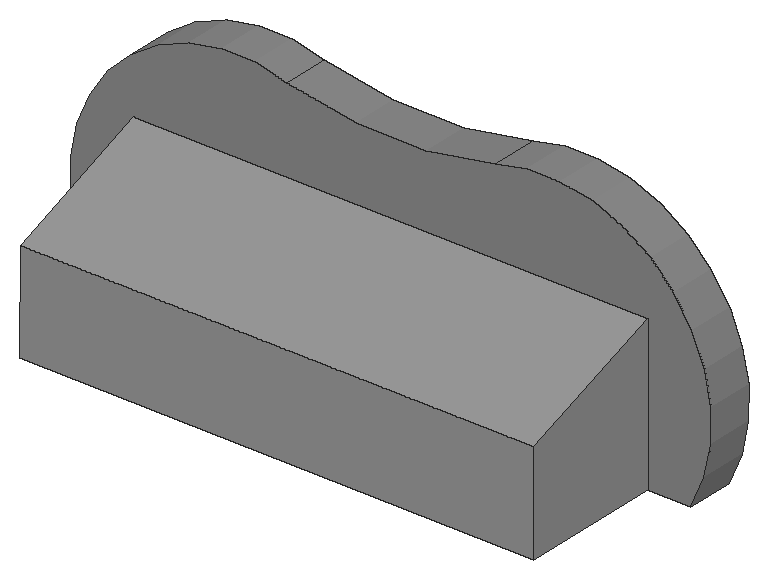
Revit family "AquaWave-Lavatory-2_Station-Willoughby-WAW-2322", category Plumbing Fixtures, Revit 2015
Parameters (values of type "Standard")
  Waste Connection = yes
  Vent Connection = no
  URL = "https://www.willoughby-ind.com/wp-content/uploads/2018/01/WAW-2322.pdf"
  Stainless Steel = Stainless Steel AISI 304-Willoughby
  Revision = "A"
  Model = "WAW-2322"
  Manufacturer = "Willoughby Industries"
  HW Connection = yes
  Description = "2 Station Aquawave Lavatory"
  DRAIN RAD = DRAIN DIA / 2  # 3/4"
  DRAIN DIA = 1 1/2"
  HW INLET RAD = HW INLET DIA / 2  # 1/4"
  HW INLET DIA = 1/2"
  Default Elevation = 0' - 0"
  Contact Info = "(800) 428-4065"
  CW INLET RAD = CW INLET DIA / 2  # 1/4"
  CW INLET DIA = 1/2"
  CW Connection = yes
  Aquasurf Solid Surface = Solid Surface Acrylic Resin-Willoughby
Reference planes (in)
  plane 1 "Center (Front/Back)": y = 0
  plane 2: z = 0
  plane 3 "Center (Left/Right)": x = 0
  plane 4: y = 9.5
  plane 5: y = 24
  plane 6: x = 11.25
  plane 7: x = 8
  plane 8: x = 4
  plane 9: x = -11.25
Forms (in)
  Extrusion 1, solid, material "Solid Surface Acrylic Resin-Willoughby" <- "Aquasurf Solid Surface", detail levels fine
    sketch origin (0, 4.5, 0) x (1, 0, 0) y (0, 0, 1)
      loop
        line (-18.5, 5.625) -> (-18.5, 0) -> (18.5, 0) -> (18.5, 5.625)
        arc (18.5, 5.625) -> (15.6156, 10.5372) -> (9.92054, 10.41163) r 5.625
        arc (9.92054, 10.41163) -> (0, 8.17267) -> (-9.92054, 10.41163) r 23.09784
        arc (-9.92054, 10.41163) -> (-15.6156, 10.5372) -> (-18.5, 5.625) r 5.625
    from -34 to -33
  Extrusion 2, solid, material "Stainless Steel AISI 304-Willoughby" <- "Stainless Steel"
    sketch origin (0, 4.5, 0) x (1, 0, 0) y (0, 0, 1)
      loop
        line (18, 0) -> (18, 5.625)
        arc (18, 5.625) -> (15.76543, 9.85714) -> (11.01033, 10.39874) r 5.125
        arc (11.01033, 10.39874) -> (0, 7.67267) -> (-11.01033, 10.39874) r 23.59784
        arc (-11.01033, 10.39874) -> (-15.76543, 9.85714) -> (-18, 5.625) r 5.125
        line (-18, 5.625) -> (-18, 0) -> (18, 0)
    from -33 to -31
  Extrusion 3, solid, material "Solid Surface Acrylic Resin-Willoughby" <- "Aquasurf Solid Surface"
    sketch origin (0, 4.5, 0) x (1, 0, 0) y (0, 0, 1)
      loop
        line (18, 0) -> (18, 4.88739)
        arc (18, 4.88739) -> (17.83004, 5.69421) -> (17.34904, 6.3639) r 2
        arc (17.34904, 6.3639) -> (14.35963, 7.88982) -> (11.01033, 7.67267) r 6.32928
        arc (11.01033, 7.67267) -> (0, 5.82179) -> (-11.01033, 7.67267) r 33.67387
        arc (-11.01033, 7.67267) -> (-14.35963, 7.88982) -> (-17.34904, 6.3639) r 6.32928
        arc (-17.34904, 6.3639) -> (-17.83004, 5.69421) -> (-18, 4.88739) r 2
        line (-18, 4.88739) -> (-18, 0) -> (18, 0)
    from -31 to -29
  Extrusion 4, solid, material "Solid Surface Acrylic Resin-Willoughby" <- "Aquasurf Solid Surface"
    sketch origin (0, 4.5, 0) x (1, 0, 0) y (0, 0, 1)
      loop
        arc (25.625, 0) -> (24.15968, 15.84095) -> (8.90314, 20.34881) r 14.178
        arc (8.90314, 20.34881) -> (0, 19.18496) -> (-8.90314, 20.34881) r 34.63508
        arc (-8.90314, 20.34881) -> (-24.15968, 15.84095) -> (-25.625, 0) r 14.178
        line (-25.625, 0) -> (25.625, 0)
    from -29 to -25
  Extrusion 5, void, detail levels fine
    sketch origin (0, 4.5, 0) x (1, 0, 0) y (0, 0, 1)
      loop
        arc (11.01033, 7.67267) -> (14.35963, 7.88982) -> (17.34904, 6.3639) r 6.32928
        arc (17.34904, 6.3639) -> (17.83004, 5.69421) -> (18, 4.88739) r 2
        line (18, 4.88739) -> (18, 4.30684)
        arc (18, 4.30684) -> (18.30064, 3.25224) -> (19.11219, 2.5147) r 2
        arc (19.11219, 2.5147) -> (22.90794, 2.47523) -> (25.30097, 5.42186) r 4.36755
        arc (25.30097, 5.42186) -> (20.95343, 16.23504) -> (9.51008, 18.44313) r 12.178
        arc (9.51008, 18.44313) -> (0, 16.96526) -> (-9.51008, 18.44313) r 31.33763
        arc (-9.51008, 18.44313) -> (-20.95343, 16.23504) -> (-25.30097, 5.42186) r 12.178
        arc (-25.30097, 5.42186) -> (-22.90794, 2.47523) -> (-19.11219, 2.5147) r 4.36755
        arc (-19.11219, 2.5147) -> (-18.30064, 3.25224) -> (-18, 4.30684) r 2
        line (-18, 4.30684) -> (-18, 4.88739)
        arc (-18, 4.88739) -> (-17.83004, 5.69421) -> (-17.34904, 6.3639) r 2
        arc (-17.34904, 6.3639) -> (-14.35963, 7.88982) -> (-11.01033, 7.67267) r 6.32928
        arc (-11.01033, 7.67267) -> (0, 5.82179) -> (11.01033, 7.67267) r 33.67387
    from -29 to -25.8795
  Extrusion 6, solid, material "Stainless Steel AISI 304-Willoughby" <- "Stainless Steel"
    sketch origin (0, 0, 0) x (0, 1, 0) y (0, 0, 1)
      loop
        line (29.5, 0) -> (29.5, 13.125) -> (17.375, 8.625) -> (17.375, 0) -> (29.5, 0)
    from -21.9375 to 21.9375
  Extrusion 7, solid, material "Stainless Steel AISI 304-Willoughby" <- "Stainless Steel"
    sketch origin (0, 0, 0) x (1, 0, 0) y (0, 1, 0)
      loop
        circle (11.25, 24) r 0.75
    from 0 to 1.4492
  Extrusion 8, solid, material "Stainless Steel AISI 304-Willoughby" <- "Stainless Steel"
    sketch origin (-22.5, 0, 0) x (1, 0, 0) y (0, 1, 0)
      loop
        circle (11.25, 24) r 0.75
    from 0 to 1.4492
  Extrusion 9, solid, material "Stainless Steel AISI 304-Willoughby" <- "Stainless Steel"
    sketch origin (-3.25, 0, 0) x (1, 0, 0) y (0, 1, 0)
      loop
        circle (11.25, 24) r 0.25
    from 0 to 1.4492
  Extrusion 10, solid, material "Stainless Steel AISI 304-Willoughby" <- "Stainless Steel"
    sketch origin (-7.25, 0, 0) x (1, 0, 0) y (0, 1, 0)
      loop
        circle (11.25, 24) r 0.25
    from 0 to 1.4492
  Extrusion 11, void, detail levels fine
    sketch origin (0, 30.3795, 0) x (1, 0, 0) y (0, 0, 1)
      loop
        circle (11.25, 10.25) r 1.25
      loop
        circle (-11.25, 10.25) r 1.25
    from 0 to 0.01562
Cuts and joins
  Extrusion 11 cuts Extrusion 3
  Extrusion 5, Extrusion 11 cuts Extrusion 4
  joined: Extrusion 3, Extrusion 4
  Extrusion 11 cuts Extrusion 6
Lines and regions (in)
  symbolic lines
    curve 1: arc (25.625, 0, 0) -> (24.15968, 0, 15.84095) -> (8.90314, 0, 20.34881) r 14.178
    curve 2: arc (8.90314, 0, 20.34881) -> (0, 0, 19.18496) -> (-8.90314, 0, 20.34881) r 34.63508
    curve 3: arc (-8.90314, 0, 20.34881) -> (-24.15968, 0, 15.84095) -> (-25.625, 0, 0) r 14.178
    curve 4: line (-25.625, 0, 0) -> (25.625, 0, 0)
    curve 13: line (-20.6875, 29.5, 0) -> (-20.6875, 9.5, 0)
    curve 14: line (-20.6875, 9.5, 0) -> (20.6875, 9.5, 0)
    curve 15: line (20.6875, 9.5, 0) -> (20.6875, 29.5, 0)
    curve 16: line (27.38375, 29.5, 0) -> (-27.38375, 29.5, 0)
    curve 17: line (-27.38375, 29.5, 0) -> (-27.38375, 33.5, 0)
    curve 18: line (-27.38375, 33.5, 0) -> (27.38375, 33.5, 0)
    curve 19: line (27.38375, 33.5, 0) -> (27.38375, 29.5, 0)
    curve 20: line (-8.90314, 29.5, 0) -> (-8.90314, 33.5, 0)
    curve 21: line (8.90314, 33.5, 0) -> (8.90314, 29.5, 0)
    curve 22: line (18, 33.5, 0) -> (18, 37.5, 0)
    curve 23: line (18, 37.5, 0) -> (-18, 37.5, 0)
    curve 24: line (-18, 37.5, 0) -> (-18, 33.5, 0)
    curve 25: line (-18, 37.5, 0) -> (-18.5, 37.5, 0)
    curve 26: line (-18.5, 37.5, 0) -> (-18.5, 38.5, 0)
    curve 27: line (-18.5, 38.5, 0) -> (18.5, 38.5, 0)
    curve 28: line (18.5, 38.5, 0) -> (18.5, 37.5, 0)
    curve 29: line (18.5, 37.5, 0) -> (18, 37.5, 0)
    curve 30: line (0, 29.5, 12.25) -> (0, 9.5, 9.4375)
    curve 31: line (0, 9.5, 9.4375) -> (0, 9.5, 0)
    curve 32: line (0, 9.5, 0) -> (0, 38.5, 0)
    curve 33: line (0, 38.5, 0) -> (0, 38.5, 11.25)
    curve 34: line (0, 38.5, 11.25) -> (0, 37.5, 11.25)
    curve 35: line (0, 37.5, 11.25) -> (0, 37.5, 0)
    curve 36: line (0, 37.5, 10.75) -> (0, 35.5, 10.75)
    curve 37: line (0, 35.5, 10.75) -> (0, 35.5, 0)
    curve 38: line (0, 35.5, 8.02056) -> (0, 33.5, 8.02056)
    curve 39: line (0, 33.5, 0) -> (0, 33.5, 21.01744)
    curve 40: line (0, 33.5, 21.01744) -> (0, 29.5, 21.01744)
    curve 41: line (0, 29.5, 21.01744) -> (0, 29.5, 0)
    curve 42: line (25.625, 0, 0) -> (-25.625, 0, 0)
  symbolic lines, detail levels medium+fine
    curve 5: line (18.5, 0, 0) -> (18.5, 0, 5.625)
    curve 6: line (-18.5, 0, 0) -> (-18.5, 0, 5.625)
    curve 7: arc (-18.5, 0, 5.625) -> (-15.66606, 0, 10.50871) -> (-10.01978, 0, 10.47148) r 5.625
    curve 8: arc (-10.01978, 0, 10.47148) -> (0, 0, 8.17216) -> (10.01978, 0, 10.47148) r 22.98138
    curve 9: arc (10.01978, 0, 10.47148) -> (15.66606, 0, 10.50871) -> (18.5, 0, 5.625) r 5.625
  symbolic lines, detail levels fine
    curve 10: arc (25.30097, 0, 5.42186) -> (20.95343, 0, 16.23504) -> (9.51008, 0, 18.44313) r 12.178
    curve 11: arc (9.51008, 0, 18.44313) -> (0, 0, 16.96526) -> (-9.51008, 0, 18.44313) r 31.33763
    curve 12: arc (-9.51008, 0, 18.44313) -> (-20.95343, 0, 16.23504) -> (-25.30097, 0, 5.42186) r 12.178
    curve 43: arc (-18.5, 0, 2.98397) -> (-22.56472, 0, 2.3499) -> (-25.30097, 0, 5.42186) r 4.29877
    curve 44: arc (25.30097, 0, 5.42186) -> (22.57045, 0, 2.3339) -> (18.5, 0, 2.98397) r 4.27889
Dimensions and locks (in)
  locked: plane 4 to plane 1 "Center (Front/Back)" at 9.5
  Extrusion 6 to Extrusion 6 = 3' - 7 7/8"
  locked: plane 1 "Center (Front/Back)" to plane 5 at 24
  aligned and locked: cut or joined group of Extrusion 3, Extrusion 4, Extrusion 5, Extrusion 11 to Extrusion 2
Connectors (in)
  piping at (4, 24, 0), diameter 0.5, driven by "HW INLET RAD", driven by "HW Connection"
    settings: on Extrusion 10, index 1, connector inside diameter 1/2", connector length 0' - 0", flow factor 0, pipe flow 0 GPM, pressure drop 0.00 psi, fitting loss kfactor 0, connector angle 0.00°, fixture units 0, engagement length 0' - 0", angle of deflection 0.00°, flow configuration 0, flow direction 1, fitting loss method 0, system type 19, joint type 0, gender type 0, connector reference index -1, connector utility 1, adjustable connector no, is connector primary yes, connector description "Lav HW Supply"
  piping at (8, 24, 0), diameter 0.5, driven by "CW INLET RAD", driven by "CW Connection"
    settings: on Extrusion 9, index 2, connector inside diameter 1/2", connector length 0' - 0", flow factor 0, pipe flow 0 GPM, pressure drop 0.00 psi, fitting loss kfactor 0, connector angle 0.00°, fixture units 0, engagement length 0' - 0", angle of deflection 0.00°, flow configuration 0, flow direction 1, fitting loss method 0, system type 20, joint type 0, gender type 0, connector reference index -1, connector utility 1, adjustable connector no, is connector primary no, connector description "Lav CW Supply"
  piping at (-11.25, 24, 0), diameter 1.5, driven by "DRAIN RAD", driven by "Waste Connection"
    settings: on Extrusion 8, index 3, connector inside diameter 1 1/2", connector length 0' - 0", flow factor 0, pipe flow 0 GPM, pressure drop 0.00 psi, fitting loss kfactor 0, connector angle 0.00°, fixture units 0, engagement length 0' - 0", angle of deflection 0.00°, flow configuration 0, flow direction 2, fitting loss method 0, system type 16, joint type 0, gender type 0, connector reference index -1, connector utility 1, adjustable connector yes, is connector primary no, connector description "Sink Waste"
  piping at (11.25, 24, 0), diameter 1.5, driven by "DRAIN RAD", driven by "Waste Connection"
    settings: on Extrusion 7, index 4, connector inside diameter 1 1/2", connector length 0' - 0", flow factor 0, pipe flow 0 GPM, pressure drop 0.00 psi, fitting loss kfactor 0, connector angle 0.00°, fixture units 0, engagement length 0' - 0", angle of deflection 0.00°, flow configuration 0, flow direction 2, fitting loss method 0, system type 16, joint type 0, gender type 0, connector reference index -1, connector utility 1, adjustable connector no, is connector primary no, connector description "Sink Waste"
